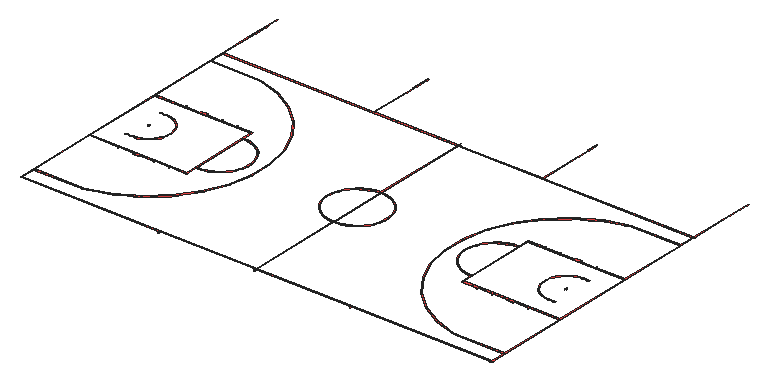
Revit family "Basket", category Generic Models, Revit 2019
Family settings
  Can host rebar = No
  Round Connector Dimension = Use Diameter
  Part Type = Normal
  Work Plane-Based = No
  Always vertical = Yes
  Cut with Voids When Loaded = No
  Shared = No
  Room Calculation Point = No
Parameters
  URL = "www.saxi.se"
  Model = "Linjering Basket"
  Manufacturer = "Saxi Vägg AB"
Reference planes
  plane 1 "Center (Front/Back)": y = 0
  plane 2: z = 0
  plane 3 "Center (Left/Right)": x = 0
Forms (mm)
  Extrusion 1, solid, material "Basket_linjering"
    sketch origin (0, 0, 0) x (1, 0, 0) y (0, 1, 0)
      loop
        line (-14050, 9550) -> (-14050, 7550) -> (-14050, 7500) -> (-14050, -7550) -> (-5725, -7550) -> (-5725, -7700) -> (-5675, -7700) -> (-5675, -7550) -> (-25, -7550) -> (-25, -7700) -> (25, -7700) -> (25, -7550) -> (5675, -7550) -> (5675, -7700) -> (5725, -7700) -> (5725, -7550) -> (14050, -7550) -> (14050, -7500) -> (14050, 7500) -> (14050, 7550) -> (14050, 9550) -> (14000, 9550) -> (14000, 7550) -> (5050, 7550) -> (5050, 9550) -> (5000, 9550) -> (5000, 7550) -> (25, 7550) -> (25, 7700) -> (-25, 7700) -> (-25, 7550) -> (-5000, 7550) -> (-5000, 9550) -> (-5050, 9550) -> (-5050, 7550) -> (-14000, 7550) -> (-14000, 9550) -> (-14050, 9550)
      loop
        line (-14000, 7500) -> (-14000, 6600.021) -> (-11010, 6600.021)
        arc (-11010, 6600.021) -> (-5675, 0) -> (-11010, -6600.021) r 6750
        line (-11010, -6600.021) -> (-14000, -6600.021) -> (-14000, -7500) -> (-25, -7500) -> (-25, -1799.826)
        arc (-25, -1799.826) -> (-1800, 0) -> (-25, 1799.826) r 1800
        line (-25, 1799.826) -> (-25, 7500) -> (-14000, 7500)
      loop
        line (14000, -7500) -> (14000, -6600.021) -> (11010, -6600.021)
        arc (11010, -6600.021) -> (5675, 0) -> (11010, 6600.021) r 6750
        line (11010, 6600.021) -> (14000, 6600.021) -> (14000, 7500) -> (25, 7500) -> (25, 1799.826)
        arc (25, 1799.826) -> (1800, 0) -> (25, -1799.826) r 1800
        line (25, -1799.826) -> (25, -7500) -> (14000, -7500)
      loop
        arc (11010, 6548.876) -> (5725, 0) -> (11010, -6548.876) r 6700
        line (11010, -6548.876) -> (14000, -6548.876) -> (14000, -2450) -> (12250, -2450) -> (12250, -2550) -> (12200, -2550) -> (12200, -2450) -> (11350, -2450) -> (11350, -2550) -> (10950, -2550) -> (10950, -2450) -> (10100, -2450) -> (10100, -2550) -> (10050, -2550) -> (10050, -2450) -> (9200, -2450) -> (9200, -2550) -> (9150, -2550) -> (9150, -2450) -> (8200, -2450) -> (8200, -1800)
        arc (8200, -1800) -> (6400, 0) -> (8200, 1800) r 1800
        line (8200, 1800) -> (8200, 2450) -> (9150, 2450) -> (9150, 2550) -> (9200, 2550) -> (9200, 2450) -> (10050, 2450) -> (10050, 2550) -> (10100, 2550) -> (10100, 2450) -> (10950, 2450) -> (10950, 2550) -> (11350, 2550) -> (11350, 2450) -> (12200, 2450) -> (12200, 2550) -> (12250, 2550) -> (12250, 2450) -> (14000, 2450) -> (14000, 6548.876) -> (11010, 6548.876)
      loop
        line (14000, 2400) -> (8250, 2400) -> (8250, -2400) -> (14000, -2400) -> (14000, 2400)
      loop
        arc (8200, 1750) -> (6450, 0) -> (8200, -1750) r 1750
        line (8200, -1750) -> (8200, 1750)
      loop
        line (12425, 1250) -> (12800, 1250) -> (12800, 1300) -> (12425, 1300)
        arc (12425, 1300) -> (11125, 0) -> (12425, -1300) r 1300
        line (12425, -1300) -> (12800, -1300) -> (12800, -1250) -> (12425, -1250)
        arc (12425, -1250) -> (11175, 0) -> (12425, 1250) r 1250
      loop
        line (-11010, 6548.876) -> (-14000, 6548.876) -> (-14000, 2450) -> (-12250, 2450) -> (-12250, 2550) -> (-12200, 2550) -> (-12200, 2450) -> (-11350, 2450) -> (-11350, 2550) -> (-10950, 2550) -> (-10950, 2450) -> (-10100, 2450) -> (-10100, 2550) -> (-10050, 2550) -> (-10050, 2450) -> (-9200, 2450) -> (-9200, 2550) -> (-9150, 2550) -> (-9150, 2450) -> (-8200, 2450) -> (-8200, 1800)
        arc (-8200, 1800) -> (-6400, 0) -> (-8200, -1800) r 1800
        line (-8200, -1800) -> (-8200, -2450) -> (-9150, -2450) -> (-9150, -2550) -> (-9200, -2550) -> (-9200, -2450) -> (-10050, -2450) -> (-10050, -2550) -> (-10100, -2550) -> (-10100, -2450) -> (-10950, -2450) -> (-10950, -2550) -> (-11350, -2550) -> (-11350, -2450) -> (-12200, -2450) -> (-12200, -2550) -> (-12250, -2550) -> (-12250, -2450) -> (-14000, -2450) -> (-14000, -6548.876) -> (-11010, -6548.876)
        arc (-11010, -6548.876) -> (-5725, 0) -> (-11010, 6548.876) r 6700
      loop
        arc (-8200, -1750) -> (-6450, 0) -> (-8200, 1750) r 1750
        line (-8200, 1750) -> (-8200, -1750)
      loop
        line (-14000, 2400) -> (-14000, -2400) -> (-8250, -2400) -> (-8250, 2400) -> (-14000, 2400)
      loop
        line (-12800, -1250) -> (-12800, -1300) -> (-12425, -1300)
        arc (-12425, -1300) -> (-11125, 0) -> (-12425, 1300) r 1300
        line (-12425, 1300) -> (-12800, 1300) -> (-12800, 1250) -> (-12425, 1250)
        arc (-12425, 1250) -> (-11175, 0) -> (-12425, -1250) r 1250
        line (-12425, -1250) -> (-12800, -1250)
      loop
        arc (25, -1749.821) -> (1750, 0) -> (25, 1749.821) r 1750
        line (25, 1749.821) -> (25, -1749.821)
      loop
        arc (-25, 1749.821) -> (-1750, 0) -> (-25, -1749.821) r 1750
        line (-25, -1749.821) -> (-25, 1749.821)
      loop
        line (14050, 9675) -> (14050, 9800) -> (14000, 9800) -> (14000, 9675) -> (14050, 9675)
      loop
        line (14050, 9925) -> (14050, 10050) -> (14000, 10050) -> (14000, 9925) -> (14050, 9925)
      loop
        line (14000, 10175) -> (14050, 10175) -> (14050, 10300) -> (14000, 10300) -> (14000, 10175)
      loop
        line (14000, 10425) -> (14050, 10425) -> (14050, 10550) -> (14000, 10550) -> (14000, 10425)
      loop
        line (14050, 10675) -> (14050, 10800) -> (14000, 10800) -> (14000, 10675) -> (14050, 10675)
      loop
        line (14050, 10925) -> (14050, 11050) -> (14000, 11050) -> (14000, 10925) -> (14050, 10925)
      loop
        line (14050, 11175) -> (14050, 11300) -> (14000, 11300) -> (14000, 11175) -> (14050, 11175)
      loop
        line (14050, 11425) -> (14050, 11550) -> (14000, 11550) -> (14000, 11425) -> (14050, 11425)
      loop
        line (5050, 9675) -> (5050, 9800) -> (5000, 9800) -> (5000, 9675) -> (5050, 9675)
      loop
        line (5050, 9925) -> (5050, 10050) -> (5000, 10050) -> (5000, 9925) -> (5050, 9925)
      loop
        line (5050, 10175) -> (5050, 10300) -> (5000, 10300) -> (5000, 10175) -> (5050, 10175)
      loop
        line (5050, 10425) -> (5050, 10550) -> (5000, 10550) -> (5000, 10425) -> (5050, 10425)
      loop
        line (5050, 10675) -> (5050, 10800) -> (5000, 10800) -> (5000, 10675) -> (5050, 10675)
      loop
        line (5050, 10925) -> (5050, 11050) -> (5000, 11050) -> (5000, 10925) -> (5050, 10925)
      loop
        line (5050, 11175) -> (5050, 11300) -> (5000, 11300) -> (5000, 11175) -> (5050, 11175)
      loop
        line (5050, 11425) -> (5050, 11550) -> (5000, 11550) -> (5000, 11425) -> (5050, 11425)
      loop
        line (-5000, 9675) -> (-5000, 9800) -> (-5050, 9800) -> (-5050, 9675) -> (-5000, 9675)
      loop
        line (-5000, 9925) -> (-5000, 10050) -> (-5050, 10050) -> (-5050, 9925) -> (-5000, 9925)
      loop
        line (-5050, 10175) -> (-5000, 10175) -> (-5000, 10300) -> (-5050, 10300) -> (-5050, 10175)
      loop
        line (-5050, 10425) -> (-5000, 10425) -> (-5000, 10550) -> (-5050, 10550) -> (-5050, 10425)
      loop
        line (-5050, 10675) -> (-5000, 10675) -> (-5000, 10800) -> (-5050, 10800) -> (-5050, 10675)
      loop
        line (-5050, 10925) -> (-5000, 10925) -> (-5000, 11050) -> (-5050, 11050) -> (-5050, 10925)
      loop
        line (-5050, 11175) -> (-5000, 11175) -> (-5000, 11300) -> (-5050, 11300) -> (-5050, 11175)
      loop
        line (-5050, 11425) -> (-5000, 11425) -> (-5000, 11550) -> (-5050, 11550) -> (-5050, 11425)
      loop
        line (-14050, 9675) -> (-14000, 9675) -> (-14000, 9800) -> (-14050, 9800) -> (-14050, 9675)
      loop
        line (-14050, 9925) -> (-14000, 9925) -> (-14000, 10050) -> (-14050, 10050) -> (-14050, 9925)
      loop
        line (-14050, 10175) -> (-14000, 10175) -> (-14000, 10300) -> (-14050, 10300) -> (-14050, 10175)
      loop
        line (-14050, 10425) -> (-14000, 10425) -> (-14000, 10550) -> (-14050, 10550) -> (-14050, 10425)
      loop
        line (-14050, 10675) -> (-14000, 10675) -> (-14000, 10800) -> (-14050, 10800) -> (-14050, 10675)
      loop
        line (-14050, 10925) -> (-14000, 10925) -> (-14000, 11050) -> (-14050, 11050) -> (-14050, 10925)
      loop
        line (-14050, 11300) -> (-14050, 11175) -> (-14000, 11175) -> (-14000, 11300) -> (-14050, 11300)
      loop
        line (-14050, 11425) -> (-14000, 11425) -> (-14000, 11550) -> (-14050, 11550) -> (-14050, 11425)
      loop
        line (-12424, -85.855) -> (-12424, -1) -> (-12348.735, -1) -> (-12348.735, 1) -> (-12424, 1) -> (-12424, 84.145) -> (-12426, 84.145) -> (-12426, 1) -> (-12501.265, 1) -> (-12501.265, -1) -> (-12426, -1) -> (-12426, -85.855) -> (-12424, -85.855)
      loop
        line (12426, -85.855) -> (12426, -1) -> (12501.265, -1) -> (12501.265, 1) -> (12426, 1) -> (12426, 84.145) -> (12424, 84.145) -> (12424, 1) -> (12348.735, 1) -> (12348.735, -1) -> (12424, -1) -> (12424, -85.855) -> (12426, -85.855)
    from 0 to 1
Dimensions and locks
  aligned and locked: level to plane 2
